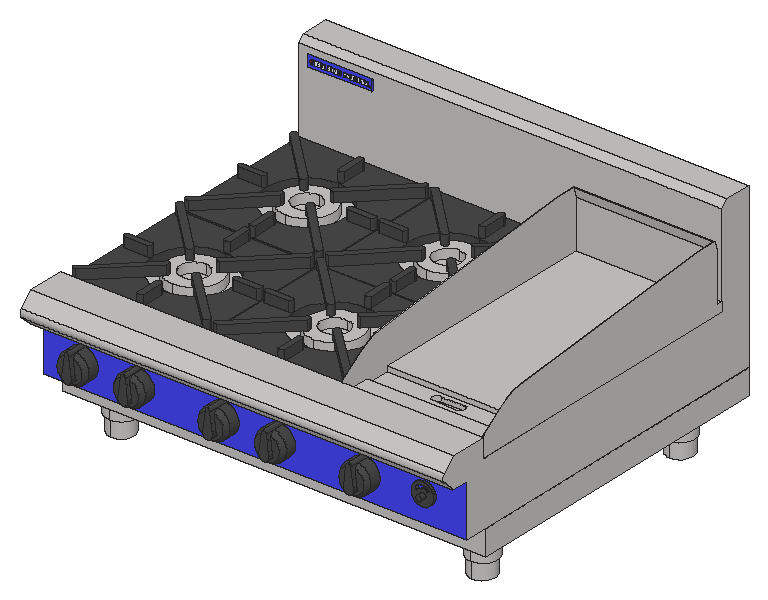
Revit family "QF_MOFFAT_BLUESEAL_CE_G516C-B", category Specialty Equipment, Revit 2012
Parameters
  Width = 900 mm  # constant formula
  Weight in Pounds = 283  # constant formula
  URL Cutsheet = "www.moffat.com"
  URL = "www.moffat.com"
  Type Mark [instance] = ""
  Status [instance] = ""
  Specification by User [instance] = ""
  Specification by Manufacturer = ""
  Show Logo [instance] = yes
  Serial Number = ""
  Seismic Rating = ""
  SMACNA No = ""
  Revision Code [instance] = ""
  Omniclass Number and Title = ""
  NAFEM Spec ID Number = ""
  Model = "G516C-B"
  Mechanical Remarks [instance] = ""
  Mechanical Connection Type [instance] = ""
  Masterspec = ""
  Manufacturer = "MOFFAT BLUESEAL"
  Item Number [instance] = ""
  Installed By [instance] = ""
  Identify Quantity as Lot [instance] = yes
  Height = 485 mm  # constant formula
  Gas Size = 3/4"
  Gas RI Height [instance] = 0 mm
  Gas KW [instance] = 34
  Gas Input [instance] = 116000.0 Btu/h
  Gas Connection Height = 0 mm
  Furnished By [instance] = ""
  Foodservice Equipment Identifier [instance] = yes
  Description = "900MM GAS COOK TOP BENCH MOUNT"
  Depth = 812 mm  # constant formula
  CSI MasterFormat = ""
  CSI Master Format = ""
Reference planes
  plane 1 "BACK": y = 0
  plane 2: z = 0
  plane 3 "LEFT": x = 0
  plane 4 "RIGHT": x = 900
  plane 5 "FRONT": y = -812
  plane 6 "TOP": z = 370
  plane 7 "Center Y": x = 450
  plane 8 "Center X": y = -406
  plane 9: z = 485
  plane 10: z = 315
Forms (mm)
  Revolve 1, solid, material "QF_Finishes_Stainless Steel"
    sketch origin (65.5, -728, 0) x (0, 1, 0) y (0, 0, 1)
      loop
        line (71.25, 85) -> (71.25, 35) -> (75.5, 35) -> (75.5, 0) -> (103, 0) -> (103, 85) -> (71.25, 85)
      axis (103, 85) -> (103, 0)
    angle from 0 to 360
  Revolve 2, solid, material "QF_Finishes_Stainless Steel"
    sketch origin (65.5, -210, 0) x (0, 1, 0) y (0, 0, 1)
      loop
        line (78.25, 85) -> (78.25, 35) -> (82.5, 35) -> (82.5, 0) -> (110, 0) -> (110, 85) -> (78.25, 85)
      axis (110, 85) -> (110, 0)
    angle from 0 to 360
  Extrusion 3, solid, material "QF_Finishes_Stainless Steel"
    sketch origin (405, 3, -500) x (1, 0, 0) y (0, 1, 0)
      loop
        circle (365, -35) r 13.5
    from 555 to 585
  Revolve 4, solid, material "QF_Finishes_Black"
    sketch origin (89.999, 7, -0.127) x (0, 1, 0) y (0, 0, -1)
      loop
        line (-789, -229.5) -> (-766, -229.5) -> (-766, -202) -> (-756, -202) -> (-756, -197) -> (-800, -197) -> (-800, -223.651) -> (-789, -229.5)
      axis (-800, -197) -> (-756, -197)
    angle from 0 to 360
  Extrusion 5, solid, material "QF_Finishes_Black"
    sketch origin (228.269, 7, 0.031) x (-1, 0, 0) y (0, 0, -1)
      loop
        line (127.85, -186.163) -> (133.27, -229.082)
        arc (133.27, -229.082) -> (138.269, -233.969) -> (143.267, -229.082) r 5
        line (143.267, -229.082) -> (148.756, -184.996)
        arc (148.756, -184.996) -> (137.684, -174.498) -> (127.85, -186.163) r 10.487
    from 759 to 808
  Extrusion 6, solid, material "QF_Finishes_Stainless Steel"
    sketch origin (0, 0, 0) x (0, 1, 0) y (0, 0, 1)
      loop
        line (-784.97, 250) -> (-749, 250) -> (-749, 140) -> (0, 140) -> (0, 485) -> (-57.5, 485) -> (-70, 472.5) -> (-70, 275) -> (-705, 275) -> (-705, 315) -> (-783.97, 315) -> (-808.498, 290.472)
        arc (-808.498, 290.472) -> (-812.007, 282) -> (-808.498, 273.528) r 11.982
        line (-808.498, 273.528) -> (-784.97, 250)
      loop
        line (0, 85) -> (0, 139.206) -> (-699, 139.206) -> (-699, 85) -> (0, 85)
    from 0 to 900
  Revolve 7, solid, material "QF_Finishes_Black"
    sketch origin (390, 7, -0.127) x (0, 1, 0) y (0, 0, -1)
      loop
        line (-789, -229.5) -> (-766, -229.5) -> (-766, -202) -> (-756, -202) -> (-756, -197) -> (-800, -197) -> (-800, -223.651) -> (-789, -229.5)
      axis (-800, -197) -> (-756, -197)
    angle from 0 to 360
  Extrusion 8, solid, material "QF_Finishes_Black"
    sketch origin (0, -749, 266) x (0, 0, -1) y (1, 0, 0)
      loop
        circle (69, 810) r 23.9
      loop
        arc (61.641, 818.419) -> (62.501, 823.219) -> (57.701, 824.079) r 3.448
        arc (57.701, 824.079) -> (51.116, 809.341) -> (58.919, 795.209) r 18.095
        arc (58.919, 795.209) -> (63.641, 796.491) -> (62.326, 801.204) r 3.448
        arc (62.326, 801.204) -> (58.758, 809.683) -> (61.641, 818.419) r 13.109
    from 0 to 5
  Extrusion 9, solid, material "QF_Finishes_Black"
    sketch origin (0, -754, 266) x (0, 0, -1) y (1, 0, 0)
      loop
        circle (72.5, 810) r 5.75
    from 0 to 10
  Revolve 10, solid, material "QF_Finishes_Stainless Steel"
    sketch origin (834.5, -728, 0) x (0, 1, 0) y (0, 0, -1)
      loop
        line (71.25, -85) -> (103, -85) -> (103, 0) -> (75.5, 0) -> (75.5, -35) -> (71.25, -35) -> (71.25, -85)
      axis (103, -85) -> (103, 0)
    angle from 0 to 360
  Revolve 11, solid, material "QF_Finishes_Stainless Steel"
    sketch origin (834.5, -210, 0) x (0, 1, 0) y (0, 0, -1)
      loop
        line (78.25, -85) -> (110, -85) -> (110, 0) -> (82.5, 0) -> (82.5, -35) -> (78.25, -35) -> (78.25, -85)
      axis (110, -85) -> (110, 0)
    angle from 0 to 360
  Extrusion 12, solid, material "QF_Finishes_Black"
    sketch origin (528.269, 7, 0.031) x (-1, 0, 0) y (0, 0, -1)
      loop
        line (127.85, -186.163) -> (133.27, -229.082)
        arc (133.27, -229.082) -> (138.269, -233.969) -> (143.267, -229.082) r 5
        line (143.267, -229.082) -> (148.756, -184.996)
        arc (148.756, -184.996) -> (137.684, -174.498) -> (127.85, -186.163) r 10.487
    from 759 to 808
  Revolve 13, solid, material "QF_Finishes_Black"
    sketch origin (690, 7, 0) x (0, 1, 0) y (0, 0, -1)
      loop
        line (-789, -229.5) -> (-766, -229.5) -> (-766, -202) -> (-756, -202) -> (-756, -197) -> (-800, -197) -> (-800, -223.651) -> (-789, -229.5)
      axis (-800, -197) -> (-756, -197)
    angle from 0 to 360
  Extrusion 14, solid, material "QF_Finishes_Black"
    sketch origin (828.27, 7, 0.158) x (-1, 0, 0) y (0, 0, -1)
      loop
        line (127.85, -186.163) -> (133.27, -229.082)
        arc (133.27, -229.082) -> (138.269, -233.969) -> (143.267, -229.082) r 5
        line (143.267, -229.082) -> (148.756, -184.996)
        arc (148.756, -184.996) -> (137.684, -174.498) -> (127.85, -186.163) r 10.487
    from 759 to 808
  Revolve 15, solid, material "QF_Finishes_Black"
    sketch origin (210, 7, 0) x (0, 1, 0) y (0, 0, -1)
      loop
        line (-789, -229.5) -> (-766, -229.5) -> (-766, -202) -> (-756, -202) -> (-756, -197) -> (-800, -197) -> (-800, -223.651) -> (-789, -229.5)
      axis (-800, -197) -> (-756, -197)
    angle from 0 to 360
  Extrusion 16, solid, material "QF_Finishes_Black"
    sketch origin (348.27, 7, 0.158) x (-1, 0, 0) y (0, 0, -1)
      loop
        line (127.85, -186.163) -> (133.27, -229.082)
        arc (133.27, -229.082) -> (138.269, -233.969) -> (143.267, -229.082) r 5
        line (143.267, -229.082) -> (148.756, -184.996)
        arc (148.756, -184.996) -> (137.684, -174.498) -> (127.85, -186.163) r 10.487
    from 759 to 808
  Revolve 17, solid, material "QF_Finishes_Black"
    sketch origin (510.001, 7, 0) x (0, 1, 0) y (0, 0, -1)
      loop
        line (-789, -229.5) -> (-766, -229.5) -> (-766, -202) -> (-756, -202) -> (-756, -197) -> (-800, -197) -> (-800, -223.651) -> (-789, -229.5)
      axis (-800, -197) -> (-756, -197)
    angle from 0 to 360
  Extrusion 18, solid, material "QF_Finishes_Black"
    sketch origin (648.27, 7, 0.158) x (-1, 0, 0) y (0, 0, -1)
      loop
        line (127.85, -186.163) -> (133.27, -229.082)
        arc (133.27, -229.082) -> (138.269, -233.969) -> (143.267, -229.082) r 5
        line (143.267, -229.082) -> (148.756, -184.996)
        arc (148.756, -184.996) -> (137.684, -174.498) -> (127.85, -186.163) r 10.487
    from 759 to 808
Lines and regions (mm)
  Split face 1
    outline origin (0, 0, 485) x (0, -1, 0) y (1, 0, 0)
      loop
        arc (18.185, 32.794) -> (23.185, 24.134) -> (33.185, 24.134) r 10
        line (33.185, 24.134) -> (40.185, 28.176)
        arc (40.185, 28.176) -> (43.845, 31.836) -> (45.185, 36.836) r 10
        line (45.185, 36.836) -> (45.185, 264.794)
        arc (45.185, 264.794) -> (40.185, 273.455) -> (30.185, 273.455) r 10
        line (30.185, 273.455) -> (23.185, 269.413)
        arc (23.185, 269.413) -> (19.525, 265.753) -> (18.185, 260.753) r 10
        line (18.185, 260.753) -> (18.185, 32.794)
  Split face 2
    outline origin (0, 0, 485) x (0, -1, 0) y (1, 0, 0)
      loop
        arc (18.185, 332.794) -> (23.185, 324.134) -> (33.185, 324.134) r 10
        line (33.185, 324.134) -> (40.185, 328.176)
        arc (40.185, 328.176) -> (43.845, 331.836) -> (45.185, 336.836) r 10
        line (45.185, 336.836) -> (45.185, 564.794)
        arc (45.185, 564.794) -> (40.185, 573.455) -> (30.185, 573.455) r 10
        line (30.185, 573.455) -> (23.185, 569.413)
        arc (23.185, 569.413) -> (19.525, 565.753) -> (18.185, 560.753) r 10
        line (18.185, 560.753) -> (18.185, 332.794)
  Split face 3
    outline origin (0, 0, 485) x (0, -1, 0) y (1, 0, 0)
      loop
        arc (45.185, 864.794) -> (40.185, 873.455) -> (30.185, 873.455) r 10
        line (30.185, 873.455) -> (23.185, 869.413)
        arc (23.185, 869.413) -> (19.525, 865.753) -> (18.185, 860.753) r 10
        line (18.185, 860.753) -> (18.185, 632.794)
        arc (18.185, 632.794) -> (23.185, 624.134) -> (33.185, 624.134) r 10
        line (33.185, 624.134) -> (40.185, 628.176)
        arc (40.185, 628.176) -> (43.845, 631.836) -> (45.185, 636.836) r 10
        line (45.185, 636.836) -> (45.185, 864.794)
  symbolic lines
    curve 1: line (0, 0, 0) -> (0, -812, 0)
    curve 2: line (900, 0, 0) -> (0, 0, 0)
    curve 3: line (900, -812, 0) -> (900, 0, 0)
    curve 4: line (0, -70, 0) -> (900, -70, 0)
    curve 5: line (0, -812, 0) -> (900, -812, 0)
    curve 6: line (900, -705, 0) -> (0, -705, 0)
    curve 7: line (0, -783.97, 0) -> (900, -783.97, 0)
    curve 8: line (36.836, -45.185, 0) -> (264.794, -45.185, 0)
    curve 9: arc (264.794, -45.185, 0) -> (273.455, -40.185, 0) -> (273.455, -30.185, 0) r 10
    curve 10: line (273.455, -30.185, 0) -> (269.413, -23.185, 0)
    curve 11: arc (269.413, -23.185, 0) -> (265.753, -19.525, 0) -> (260.753, -18.185, 0) r 10
    curve 12: line (260.753, -18.185, 0) -> (32.794, -18.185, 0)
    curve 13: arc (32.794, -18.185, 0) -> (24.134, -23.185, 0) -> (24.134, -33.185, 0) r 10
    curve 14: line (24.134, -33.185, 0) -> (28.176, -40.185, 0)
    curve 15: arc (28.176, -40.185, 0) -> (31.836, -43.845, 0) -> (36.836, -45.185, 0) r 10
    curve 16: line (336.836, -45.185, 0) -> (564.794, -45.185, 0)
    curve 17: arc (564.794, -45.185, 0) -> (573.455, -40.185, 0) -> (573.455, -30.185, 0) r 10
    curve 18: line (573.455, -30.185, 0) -> (569.413, -23.185, 0)
    curve 19: arc (569.413, -23.185, 0) -> (565.753, -19.525, 0) -> (560.753, -18.185, 0) r 10
    curve 20: line (560.753, -18.185, 0) -> (332.794, -18.185, 0)
    curve 21: arc (332.794, -18.185, 0) -> (324.134, -23.185, 0) -> (324.134, -33.185, 0) r 10
    curve 22: line (324.134, -33.185, 0) -> (328.176, -40.185, 0)
    curve 23: arc (328.176, -40.185, 0) -> (331.836, -43.845, 0) -> (336.836, -45.185, 0) r 10
    curve 24: line (864.794, -45.185, 0) -> (636.836, -45.185, 0)
    curve 25: arc (636.836, -45.185, 0) -> (631.836, -43.845, 0) -> (628.176, -40.185, 0) r 10
    curve 26: line (628.176, -40.185, 0) -> (624.134, -33.185, 0)
    curve 27: arc (624.134, -33.185, 0) -> (624.134, -23.185, 0) -> (632.794, -18.185, 0) r 10
    curve 28: line (632.794, -18.185, 0) -> (860.753, -18.185, 0)
    curve 29: arc (860.753, -18.185, 0) -> (865.753, -19.525, 0) -> (869.413, -23.185, 0) r 10
    curve 30: line (869.413, -23.185, 0) -> (873.455, -30.185, 0)
    curve 31: arc (873.455, -30.185, 0) -> (873.455, -40.185, 0) -> (864.794, -45.185, 0) r 10
    curve 32: line (0, -57.5, 0) -> (900, -57.5, 0)
Dimensions and locks
  equal spacing: plane 3 "LEFT", plane 7 "Center Y", plane 4 "RIGHT"
  "Width": plane 3 "LEFT" to plane 4 "RIGHT"
  equal spacing: plane 5 "FRONT", plane 8 "Center X", plane 1 "BACK"
  "Depth": plane 5 "FRONT" to plane 1 "BACK"
  equal spacing: plane 4 "RIGHT", plane 7 "Center Y", plane 3 "LEFT"
  plane 4 "RIGHT" to plane 3 "LEFT" = 900 mm
  Extrusion 3 to level = 55 mm
  Extrusion 3 to plane 1 "BACK" = 32 mm
  plane 5 "FRONT" to plane 1 "BACK" = 812 mm
  "Height": plane 9 to level
  plane 10 to level = 315 mm
  Extrusion 3 sketch curve to plane 4 "RIGHT" = 130 mm
  Extrusion 3 sketch curve to plane 1 "BACK" = 32 mm
  aligned and locked: level to plane 2
  aligned and locked: curve 3 to plane 4 "RIGHT"
Automatic sketch dimensions
  plane 1 "BACK" to curve 1 = 0 mm
  curve 1 to plane 3 "LEFT" = 0 mm
  plane 5 "FRONT" to curve 1 = 0 mm
  plane 3 "LEFT" to curve 14 = 24.134 mm
  curve 13 to curve 14 = 4.041 mm
  curve 13 to curve 13 = 8.66 mm
  curve 15 to curve 8 = 8.66 mm
  plane 1 "BACK" to curve 12 = 18.185 mm
  curve 12 to plane 7 "Center Y" = 189.247 mm
  curve 11 to curve 9 = 4.041 mm
  plane 1 "BACK" to curve 10 = 23.185 mm
  curve 11 to curve 10 = 8.66 mm
  plane 1 "BACK" to curve 10 = 30.185 mm
  curve 10 to curve 10 = 4.041 mm
  plane 1 "BACK" to curve 22 = 33.185 mm
  curve 10 to curve 22 = 50.679 mm
  curve 21 to curve 23 = 4.041 mm  (x2)
  curve 21 to curve 21 = 8.66 mm
  plane 1 "BACK" to curve 20 = 18.185 mm
  plane 7 "Center Y" to curve 20 = 110.753 mm
  curve 19 to curve 17 = 4.041 mm  (x2)
  curve 19 to curve 19 = 8.66 mm
  plane 1 "BACK" to curve 26 = 33.185 mm
  curve 18 to curve 26 = 50.679 mm
  plane 1 "BACK" to curve 26 = 40.185 mm
  curve 27 to curve 26 = 4.041 mm
  curve 27 to curve 27 = 8.66 mm
  curve 27 to curve 25 = 4.041 mm
  plane 4 "RIGHT" to curve 29 = 39.247 mm
  curve 29 to curve 31 = 4.041 mm
  curve 28 to curve 30 = 8.66 mm
  curve 29 to curve 30 = 4.041 mm
  curve 7 to plane 5 "FRONT" = 28.03 mm
  curve 7 to curve 6 = 78.97 mm
  plane 1 "BACK" to curve 4 = 70 mm
  curve 4 to curve 32 = 12.5 mm
  curve 32 to curve 31 = 12.315 mm
  curve 8 to curve 12 = 27 mm
  curve 16 to curve 21 = 17 mm
  curve 22 to curve 21 = 7 mm
  curve 8 to curve 15 = 5 mm
  curve 16 to curve 17 = 10 mm
  curve 24 to curve 31 = 10 mm
  curve 14 to curve 13 = 7 mm
  curve 25 to curve 27 = 7 mm
  curve 31 to curve 29 = 7 mm
  curve 17 to curve 19 = 7 mm
  Revolve 1 sketch curve to level = 0 mm
  level to Revolve 1 sketch curve = 35 mm
  Revolve 1 sketch curve to plane 5 "FRONT" = 155.25 mm
  Revolve 1 sketch curve to Revolve 1 sketch curve = 4.25 mm
  Revolve 1 sketch curve to Revolve 1 sketch curve = 27.5 mm  (x2)
  Revolve 1 sketch curve to Revolve 1 sketch curve = 55 mm
  Revolve 1 sketch curve to Revolve 1 sketch curve = 15 mm
  Revolve 1 sketch curve to Revolve 1 sketch curve = 35 mm
  Revolve 2 sketch curve to level = 0 mm
  level to Revolve 2 sketch curve = 35 mm
  plane 1 "BACK" to Revolve 2 sketch curve = 131.75 mm
  Revolve 2 sketch curve to Revolve 2 sketch curve = 4.25 mm
  Revolve 2 sketch curve to Revolve 2 sketch curve = 27.5 mm  (x2)
  Revolve 2 sketch curve to Revolve 2 sketch curve = 55 mm
  Revolve 2 sketch curve to Revolve 2 sketch curve = 15 mm
  Revolve 2 sketch curve to Revolve 2 sketch curve = 35 mm
  Revolve 4 sketch curve to plane 5 "FRONT" = 19 mm
  Revolve 4 sketch curve to Revolve 4 sketch curve = 0 mm  (x2)
  Revolve 4 sketch curve to Revolve 4 sketch curve = 11 mm
  Revolve 4 sketch curve to Revolve 4 sketch curve = 12.7 mm
  Revolve 4 sketch curve to Revolve 4 sketch curve = 23 mm
  Revolve 4 sketch curve to Revolve 4 sketch curve = 10 mm
  Revolve 4 sketch curve to plane 10 = 85.627 mm
  Revolve 4 sketch curve to Revolve 4 sketch curve = 5.849 mm
  Revolve 4 sketch curve to Revolve 4 sketch curve = 27.5 mm
  Revolve 4 sketch curve to Revolve 4 sketch curve = 5 mm
  plane 3 "LEFT" to Extrusion 5 sketch curve = 100.419 mm
  Extrusion 5 sketch curve to Extrusion 5 sketch curve = 5.421 mm
  Extrusion 5 sketch curve to Extrusion 5 sketch curve = 10.419 mm
  Extrusion 5 sketch curve to Extrusion 5 sketch curve = 4.999 mm  (x2)
  Extrusion 5 sketch curve to Extrusion 5 sketch curve = 10.487 mm
  Extrusion 5 sketch curve to plane 10 = 85.887 mm
  Extrusion 5 sketch curve to Extrusion 5 sketch curve = 0.113 mm
  Extrusion 5 sketch curve to Extrusion 5 sketch curve = 42.919 mm
  Extrusion 5 sketch curve to Extrusion 5 sketch curve = 1.167 mm
  Extrusion 6 sketch curve to plane 10 = 0 mm
  plane 9 to Extrusion 6 sketch curve = 0 mm
  Extrusion 6 sketch curve to plane 1 "BACK" = 0 mm  (x2)
  plane 1 "BACK" to Extrusion 6 sketch curve = 57.5 mm
  plane 9 to Extrusion 6 sketch curve = 12.5 mm
  Extrusion 6 sketch curve to Extrusion 6 sketch curve = 12.5 mm
  Extrusion 6 sketch curve to plane 5 "FRONT" = 113 mm
  Extrusion 6 sketch curve to plane 5 "FRONT" = 107 mm
  Extrusion 6 sketch curve to Extrusion 6 sketch curve = 50 mm
  Extrusion 6 sketch curve to plane 5 "FRONT" = 28.03 mm
  Extrusion 6 sketch curve to plane 5 "FRONT" = 27.03 mm
  Extrusion 6 sketch curve to plane 5 "FRONT" = 11.975 mm
  Extrusion 6 sketch curve to plane 5 "FRONT" = 3.502 mm  (x2)
  Extrusion 6 sketch curve to plane 10 = 24.528 mm
  Extrusion 6 sketch curve to Extrusion 6 sketch curve = 8.472 mm
  Extrusion 6 sketch curve to Extrusion 6 sketch curve = 40 mm
  Extrusion 6 sketch curve to Extrusion 6 sketch curve = 23.528 mm
  Extrusion 6 sketch curve to Extrusion 6 sketch curve = 110 mm
  Extrusion 6 sketch curve to Extrusion 6 sketch curve = 0.794 mm
  Extrusion 6 sketch curve to Extrusion 6 sketch curve = 54.206 mm
  Revolve 7 sketch curve to plane 5 "FRONT" = 19 mm
  Revolve 7 sketch curve to Revolve 7 sketch curve = 0 mm  (x2)
  Revolve 7 sketch curve to Revolve 7 sketch curve = 11 mm
  Revolve 7 sketch curve to Revolve 7 sketch curve = 12.7 mm
  Revolve 7 sketch curve to Revolve 7 sketch curve = 23 mm
  Revolve 7 sketch curve to Revolve 7 sketch curve = 10 mm
  Revolve 7 sketch curve to plane 10 = 85.627 mm
  Revolve 7 sketch curve to Revolve 7 sketch curve = 5.849 mm
  Revolve 7 sketch curve to Revolve 7 sketch curve = 27.5 mm
  Revolve 7 sketch curve to Revolve 7 sketch curve = 5 mm
  Extrusion 6 to Extrusion 8 sketch curve = 41.701 mm
  Extrusion 8 sketch curve to Extrusion 8 sketch curve = 1.218 mm
  Extrusion 8 sketch curve to Extrusion 8 sketch curve = 1.97 mm  (x2)
  Extrusion 8 sketch curve to Extrusion 8 sketch curve = 1.724 mm
  Extrusion 8 sketch curve to Extrusion 8 sketch curve = 1.683 mm
  Extrusion 8 sketch curve to Extrusion 8 sketch curve = 6.674 mm
  Extrusion 8 sketch curve to Extrusion 8 sketch curve = 0.195 mm
  Extrusion 8 sketch curve to Extrusion 8 sketch curve = 2.662 mm
  Extrusion 6 to Extrusion 8 sketch curve = 104.791 mm
  Extrusion 8 sketch curve to Extrusion 8 sketch curve = 2.986 mm
  Extrusion 8 sketch curve to Extrusion 8 sketch curve = 8.796 mm
  Extrusion 8 sketch curve to Extrusion 8 sketch curve = 0.103 mm
  Extrusion 8 sketch curve to Extrusion 8 sketch curve = 0.102 mm
  Revolve 10 sketch curve to level = 0 mm
  level to Revolve 10 sketch curve = 35 mm
  Revolve 10 sketch curve to plane 5 "FRONT" = 155.25 mm
  Revolve 10 sketch curve to Revolve 10 sketch curve = 4.25 mm
  Revolve 10 sketch curve to Revolve 10 sketch curve = 27.5 mm  (x2)
  Revolve 10 sketch curve to Revolve 10 sketch curve = 15 mm
  Revolve 10 sketch curve to Revolve 10 sketch curve = 35 mm
  Revolve 10 sketch curve to level = 55 mm
  Revolve 11 sketch curve to level = 0 mm
  level to Revolve 11 sketch curve = 35 mm
  plane 1 "BACK" to Revolve 11 sketch curve = 131.75 mm
  Revolve 11 sketch curve to Revolve 11 sketch curve = 4.25 mm
  Revolve 11 sketch curve to Revolve 11 sketch curve = 27.5 mm  (x2)
  Revolve 11 sketch curve to Revolve 11 sketch curve = 15 mm
  Revolve 11 sketch curve to Revolve 11 sketch curve = 35 mm
  Revolve 11 sketch curve to level = 55 mm
  Extrusion 12 sketch curve to plane 7 "Center Y" = 49.58 mm
  Extrusion 12 sketch curve to Extrusion 12 sketch curve = 5.421 mm
  Extrusion 12 sketch curve to Extrusion 12 sketch curve = 10.419 mm
  Extrusion 12 sketch curve to Extrusion 12 sketch curve = 4.999 mm  (x2)
  Extrusion 12 sketch curve to Extrusion 12 sketch curve = 10.487 mm
  Extrusion 12 sketch curve to plane 10 = 85.887 mm
  Extrusion 12 sketch curve to Extrusion 12 sketch curve = 0.113 mm
  Extrusion 12 sketch curve to Extrusion 12 sketch curve = 42.919 mm
  Extrusion 12 sketch curve to Extrusion 12 sketch curve = 1.167 mm
  Revolve 13 sketch curve to plane 5 "FRONT" = 19 mm
  Revolve 13 sketch curve to Revolve 13 sketch curve = 0 mm  (x2)
  Revolve 13 sketch curve to Revolve 13 sketch curve = 11 mm
  Revolve 13 sketch curve to Revolve 13 sketch curve = 12.7 mm
  Revolve 13 sketch curve to Revolve 13 sketch curve = 23 mm
  Revolve 13 sketch curve to Revolve 13 sketch curve = 10 mm
  Revolve 13 sketch curve to plane 10 = 85.5 mm
  Revolve 13 sketch curve to Revolve 13 sketch curve = 5.849 mm
  Revolve 13 sketch curve to Revolve 13 sketch curve = 27.5 mm
  Revolve 13 sketch curve to Revolve 13 sketch curve = 5 mm
  plane 4 "RIGHT" to Extrusion 14 sketch curve = 199.58 mm
  Extrusion 14 sketch curve to Extrusion 14 sketch curve = 5.421 mm
  Extrusion 14 sketch curve to Extrusion 14 sketch curve = 10.419 mm
  Extrusion 14 sketch curve to Extrusion 14 sketch curve = 4.999 mm  (x2)
  Extrusion 14 sketch curve to plane 10 = 85.76 mm
  Extrusion 14 sketch curve to Extrusion 14 sketch curve = 10.487 mm
  Extrusion 14 sketch curve to Extrusion 14 sketch curve = 0.113 mm
  Extrusion 14 sketch curve to Extrusion 14 sketch curve = 42.919 mm
  Extrusion 14 sketch curve to Extrusion 14 sketch curve = 1.167 mm
  Split face 1 sketch curve to Extrusion 6 = 18.185 mm
  Split face 1 sketch curve to Split face 1 sketch curve = 5 mm  (x3)
  Split face 1 sketch curve to Split face 1 sketch curve = 10 mm  (x2)
  Split face 1 sketch curve to Split face 1 sketch curve = 7 mm  (x4)
  Split face 1 sketch curve to Extrusion 6 = 24.134 mm
  Split face 1 sketch curve to Split face 1 sketch curve = 4.041 mm  (x2)
  Split face 1 sketch curve to Split face 1 sketch curve = 223.917 mm
  Split face 2 sketch curve to Extrusion 6 = 18.185 mm
  Split face 2 sketch curve to Split face 2 sketch curve = 5 mm  (x4)
  Split face 2 sketch curve to Split face 2 sketch curve = 10 mm
  Split face 2 sketch curve to Split face 2 sketch curve = 7 mm  (x4)
  Split face 2 sketch curve to Extrusion 6 = 324.134 mm
  Split face 2 sketch curve to Split face 2 sketch curve = 4.041 mm  (x2)
  Split face 2 sketch curve to Split face 2 sketch curve = 223.917 mm
  Split face 3 sketch curve to Extrusion 6 = 18.185 mm
  Split face 3 sketch curve to Split face 3 sketch curve = 5 mm  (x3)
  Split face 3 sketch curve to Split face 3 sketch curve = 10 mm  (x2)
  Split face 3 sketch curve to Split face 3 sketch curve = 7 mm  (x4)
  Split face 3 sketch curve to Extrusion 6 = 275.866 mm
  Split face 3 sketch curve to Split face 3 sketch curve = 4.041 mm  (x2)
  Split face 3 sketch curve to Extrusion 6 = 39.247 mm
  Revolve 15 sketch curve to plane 5 "FRONT" = 19 mm
  Revolve 15 sketch curve to Revolve 15 sketch curve = 0 mm  (x2)
  Revolve 15 sketch curve to Revolve 15 sketch curve = 11 mm
  Revolve 15 sketch curve to Revolve 15 sketch curve = 12.7 mm
  Revolve 15 sketch curve to Revolve 15 sketch curve = 23 mm
  Revolve 15 sketch curve to Revolve 15 sketch curve = 10 mm
  Revolve 15 sketch curve to plane 10 = 85.5 mm
  Revolve 15 sketch curve to Revolve 15 sketch curve = 5.849 mm
  Revolve 15 sketch curve to Revolve 15 sketch curve = 27.5 mm
  Revolve 15 sketch curve to Revolve 15 sketch curve = 5 mm
  plane 3 "LEFT" to Extrusion 16 sketch curve = 220.42 mm
  Extrusion 16 sketch curve to Extrusion 16 sketch curve = 5.421 mm
  Extrusion 16 sketch curve to Extrusion 16 sketch curve = 10.419 mm
  Extrusion 16 sketch curve to Extrusion 16 sketch curve = 4.999 mm  (x2)
  Extrusion 16 sketch curve to plane 10 = 85.76 mm
  Extrusion 16 sketch curve to Extrusion 16 sketch curve = 10.487 mm
  Extrusion 16 sketch curve to Extrusion 16 sketch curve = 0.113 mm
  Extrusion 16 sketch curve to Extrusion 16 sketch curve = 42.919 mm
  Extrusion 16 sketch curve to Extrusion 16 sketch curve = 1.167 mm
  Revolve 17 sketch curve to plane 5 "FRONT" = 19 mm
  Revolve 17 sketch curve to Revolve 17 sketch curve = 0 mm  (x2)
  Revolve 17 sketch curve to Revolve 17 sketch curve = 11 mm
  Revolve 17 sketch curve to Revolve 17 sketch curve = 12.7 mm
  Revolve 17 sketch curve to Revolve 17 sketch curve = 23 mm
  Revolve 17 sketch curve to Revolve 17 sketch curve = 10 mm
  Revolve 17 sketch curve to plane 10 = 85.5 mm
  Revolve 17 sketch curve to Revolve 17 sketch curve = 5.849 mm
  Revolve 17 sketch curve to Revolve 17 sketch curve = 27.5 mm
  Revolve 17 sketch curve to Revolve 17 sketch curve = 5 mm
  plane 7 "Center Y" to Extrusion 18 sketch curve = 70.421 mm
  Extrusion 18 sketch curve to Extrusion 18 sketch curve = 5.421 mm
  Extrusion 18 sketch curve to Extrusion 18 sketch curve = 10.419 mm
  Extrusion 18 sketch curve to Extrusion 18 sketch curve = 4.999 mm  (x2)
  Extrusion 18 sketch curve to Extrusion 18 sketch curve = 10.487 mm
  Extrusion 18 sketch curve to plane 10 = 85.76 mm
  Extrusion 18 sketch curve to Extrusion 18 sketch curve = 0.113 mm
  Extrusion 18 sketch curve to Extrusion 18 sketch curve = 42.919 mm
  Extrusion 18 sketch curve to Extrusion 18 sketch curve = 1.167 mm
  radius of Extrusion 3 sketch curve = 13.5 mm
  radius of Extrusion 8 sketch curve = 23.9 mm
  radius of Extrusion 9 sketch curve = 5.75 mm
Nested families
  nested 1: "WALDORF LOGO_FACE BASE" at (18.6, -70, 458.604) x (1, 0, 0) z (0, -1, 0), visible <- "Show Logo", type "WALDORF LOGO_FACE BASE", detail levels medium+fine
    with Show Logo yes
  nested 2: "GAS BURNER 600 & GRIDDLE 300" at (0, -70, 275.195), type "GAS BURNER 600 & GRIDDLE 300"
    with Width 900 mm, Type Mark "", Status "", Specification by User "", Revision Code "", Item Number "", Installed By "", Identify Quantity as Lot yes, Furnished By "", Foodservice Equipment Identifier yes, Depth 635 mm
Connectors
  piping at (770, -32, 55)
    settings: on Extrusion 3, index 1, connector radius 0.37402", flow factor 0, pipe flow 0 GPM, pressure drop 0.00 psi, fitting loss kfactor 0, connector angle 0.00°, fixture units 0, engagement length 0 mm, flow configuration 1, flow direction 1, fitting loss method 0, system type 7, joint type 0, gender type 0, connector reference index -1, connector utility 0, adjustable connector no, is connector primary yes, fitting loss table "", connector description "GAS CONNECTION"
Definition of nested family "WALDORF LOGO_FACE BASE"
  Parameters (values of type "WALDORF LOGO_FACE BASE")
    Show Logo [instance] = yes
    Default Elevation = 1219.2 mm
  Reference planes
    plane 1 "Center (Front/Back)": y = 0
    plane 2: z = 0
    plane 3 "Center (Left/Right)": x = 0
  Forms (mm)
    Extrusion 1, solid
      sketch origin (0, 0, 0) x (1, 0, 0) y (0, 1, 0)
        loop
          line (-1219.2, 1219.2) -> (-1219.2, -1219.2) -> (1219.2, -1219.2) -> (1219.2, 1219.2) -> (-1219.2, 1219.2)
      from 0 to -304.8
    Extrusion 2, solid, material "QF_Finishes_Blue", visible <- "Show Logo"
      sketch origin (0, -33.217, 0) x (1, 0, 0) y (0, 1, 0)
        loop
          arc (138, 31.942) -> (137.626, 32.844) -> (136.724, 33.217) r 1.276
          line (136.724, 33.217) -> (1.29, 33.217)
          arc (1.29, 33.217) -> (0.378, 32.839) -> (0, 31.927) r 1.29
          line (0, 31.927) -> (0, 11.507)
          arc (0, 11.507) -> (0.378, 10.595) -> (1.29, 10.217) r 1.29
          line (1.29, 10.217) -> (136.71, 10.217)
          arc (136.71, 10.217) -> (137.622, 10.595) -> (138, 11.507) r 1.29
          line (138, 11.507) -> (138, 31.942)
      from 0 to 1.588
    Extrusion 3, solid, material "QF_Finishes_White", visible <- "Show Logo"
      sketch origin (0, -33.217, 1.588) x (1, 0, 0) y (0, 1, 0)
        loop
          arc (108.946, 25.919) -> (107.613, 25.367) -> (107.061, 24.034) r 1.885
          line (107.061, 24.034) -> (107.061, 17.211) -> (112.704, 17.211) -> (112.704, 19.129) -> (115.546, 19.129) -> (115.546, 17.211) -> (121.584, 17.211) -> (121.584, 24.075)
          arc (121.584, 24.075) -> (121.043, 25.379) -> (119.739, 25.919) r 1.845
          line (119.739, 25.919) -> (108.946, 25.919)
        loop
          line (123.478, 25.919) -> (123.478, 17.163) -> (134.904, 17.163) -> (134.904, 19.129) -> (129.246, 19.129) -> (129.246, 25.919) -> (123.478, 25.919)
        loop
          line (112.704, 21.258) -> (115.546, 21.258) -> (115.546, 22.702)
          arc (115.546, 22.702) -> (115.344, 23.188) -> (114.858, 23.389) r 0.687
          line (114.858, 23.389) -> (113.363, 23.389)
          arc (113.363, 23.389) -> (112.897, 23.196) -> (112.704, 22.73) r 0.658
          line (112.704, 22.73) -> (112.704, 21.258)
        loop
          line (105.071, 25.919) -> (93.771, 25.919) -> (93.771, 17.163) -> (105.071, 17.163) -> (105.071, 19.063) -> (99.535, 19.063) -> (99.535, 20.437) -> (105.071, 20.437) -> (105.071, 22.278) -> (99.535, 22.278) -> (99.535, 23.587) -> (105.071, 23.587) -> (105.071, 25.919)
        loop
          line (91.104, 25.919) -> (79.541, 25.919)
          arc (79.541, 25.919) -> (78.558, 25.513) -> (78.152, 24.53) r 1.389
          line (78.152, 24.53) -> (78.152, 22.08)
          arc (78.152, 22.08) -> (78.558, 21.098) -> (79.541, 20.691) r 1.389
          line (79.541, 20.691) -> (86.346, 20.691) -> (86.346, 18.864) -> (83.266, 18.864) -> (83.266, 19.664) -> (78.152, 19.664) -> (78.152, 18.553)
          arc (78.152, 18.553) -> (78.558, 17.57) -> (79.541, 17.163) r 1.389
          line (79.541, 17.163) -> (91.063, 17.163)
          arc (91.063, 17.163) -> (92.045, 17.57) -> (92.452, 18.553) r 1.389
          line (92.452, 18.553) -> (92.452, 20.691)
          arc (92.452, 20.691) -> (92.045, 21.673) -> (91.063, 22.08) r 1.389
          line (91.063, 22.08) -> (83.266, 22.08) -> (83.266, 23.984) -> (86.346, 23.984) -> (86.346, 22.743) -> (92.452, 22.743) -> (92.452, 24.571)
          arc (92.452, 24.571) -> (92.057, 25.524) -> (91.104, 25.919) r 1.348
        loop
          line (70.705, 25.919) -> (59.405, 25.919) -> (59.405, 17.163) -> (70.705, 17.163) -> (70.705, 19.063) -> (65.169, 19.063) -> (65.169, 20.437) -> (70.705, 20.437) -> (70.705, 22.278) -> (65.169, 22.278) -> (65.169, 23.587) -> (70.705, 23.587) -> (70.705, 25.919)
        loop
          line (57.598, 25.919) -> (51.7, 25.919) -> (51.7, 20.18)
          arc (51.7, 20.18) -> (50.63, 19.11) -> (49.56, 20.18) r 1.07
          line (49.56, 20.18) -> (49.56, 25.919) -> (43.663, 25.919) -> (43.663, 19.049)
          arc (43.663, 19.049) -> (44.215, 17.716) -> (45.548, 17.163) r 1.885
          line (45.548, 17.163) -> (55.71, 17.163)
          arc (55.71, 17.163) -> (57.045, 17.716) -> (57.598, 19.051) r 1.887
          line (57.598, 19.051) -> (57.598, 25.919)
        loop
          line (31.62, 25.919) -> (31.62, 17.163) -> (43.046, 17.163) -> (43.046, 19.129) -> (37.388, 19.129) -> (37.388, 25.919) -> (31.62, 25.919)
        loop
          line (15.969, 25.919) -> (15.969, 17.163) -> (28.693, 17.163)
          arc (28.693, 17.163) -> (29.812, 17.627) -> (30.276, 18.746) r 1.582
          line (30.276, 18.746) -> (30.276, 20.447) -> (29.48, 21.243) -> (30.276, 22.039) -> (30.276, 24.332)
          arc (30.276, 24.332) -> (29.811, 25.454) -> (28.688, 25.919) r 1.587
          line (28.688, 25.919) -> (15.969, 25.919)
        loop
          line (21.449, 24.159) -> (21.449, 22.436) -> (23.862, 22.436)
          arc (23.862, 22.436) -> (24.723, 23.298) -> (23.862, 24.159) r 0.861
          line (23.862, 24.159) -> (21.449, 24.159)
        loop
          line (21.449, 20.244) -> (21.449, 18.522) -> (23.862, 18.522)
          arc (23.862, 18.522) -> (24.723, 19.383) -> (23.862, 20.244) r 0.861
          line (23.862, 20.244) -> (21.449, 20.244)
      from 0 to 0.2
    Extrusion 4, solid, material "QF_Finishes_Blue", visible <- "Show Logo"
      sketch origin (-126.498, -31.09, 1.588) x (1, 0, 0) y (0, 1, 0)
        loop
          line (136.738, 23.522) -> (136.738, 15.1)
          arc (136.738, 15.1) -> (140.756, 19.311) -> (136.738, 23.522) r 4.216
      from 0 to 0.2
    Extrusion 5, solid, material "QF_Finishes_Red", visible <- "Show Logo"
      sketch origin (146.849, -31.09, 1.588) x (-1, 0, 0) y (0, -1, 0)
        loop
          arc (136.738, -23.522) -> (140.756, -19.311) -> (136.738, -15.1) r 4.216
          line (136.738, -15.1) -> (136.738, -23.522)
      from 0 to 0.2
  Lines and regions (mm)
    Split face 1
      outline origin (-90.35, -30.793, 1.588) x (1, 0, 0) y (0, 1, 0)
        loop
          circle (100.54, 19.013) r 4.536
  Dimensions and locks
    aligned and locked: plane 2 to Extrusion 1
    aligned and locked: level to Extrusion 1
Definition of nested family "GAS BURNER 600 & GRIDDLE 300"
  Parameters (values of type "GAS BURNER 600 & GRIDDLE 300")
    Width [instance] = 900 mm
    Weight in Pounds = 0
    URL Cutsheet = ""
    Type Mark [instance] = ""
    Status [instance] = ""
    Specification by User [instance] = ""
    Specification by Manufacturer = ""
    Serial Number = ""
    Seismic Rating = ""
    SMACNA No = ""
    Revision Code [instance] = ""
    Omniclass Number and Title = ""
    NAFEM Spec ID Number = ""
    Masterspec = ""
    Item Number [instance] = ""
    Installed By [instance] = ""
    Identify Quantity as Lot [instance] = yes
    Furnished By [instance] = ""
    Foodservice Equipment Identifier [instance] = yes
    Depth [instance] = 635 mm
    CSI MasterFormat = ""
    CSI Master Format = ""
  Reference planes
    plane 1 "BACK": y = 0
    plane 2: z = 0
    plane 3 "LEFT": x = 0
    plane 4 "RIGHT": x = 900
    plane 5 "FRONT": y = -635
    plane 6 "TOP": z = 142.5
    plane 7 "Center Y": x = 450
    plane 8 "Center X": y = -317.5
  Dimensions and locks
    equal spacing: plane 3 "LEFT", plane 7 "Center Y", plane 4 "RIGHT"
    "Width": plane 3 "LEFT" to plane 4 "RIGHT"
    equal spacing: plane 5 "FRONT", plane 8 "Center X", plane 1 "BACK"
    "Depth": plane 5 "FRONT" to plane 1 "BACK"
    aligned and locked: level to plane 2
  Nested families
    nested 1: "GAS BURNER 600" at (0, 0, 0), type "GAS BURNER 600"
      with Width 600 mm, Type Mark "", Status "", Specification by User "", Revision Code "", Item Number "", Installed By "", Identify Quantity as Lot yes, Furnished By "", Foodservice Equipment Identifier yes, Depth 635 mm
    nested 2: "GAS GRIDDLE PLATE 300" at (600, -15, 0), type "GAS GRIDDLE PLATE 300"
      with Width 300 mm, Type Mark "", Status "", Specification by User "", Revision Code "", Item Number "", Installed By "", Identify Quantity as Lot yes, Furnished By "", Foodservice Equipment Identifier yes, Depth 620 mm
  Definition of nested family "GAS BURNER 600"
    Parameters (values of type "GAS BURNER 600")
      Width [instance] = 600 mm
      Weight in Pounds = 0
      URL Cutsheet = ""
      Type Mark [instance] = ""
      Status [instance] = ""
      Specification by User [instance] = ""
      Specification by Manufacturer = ""
      Serial Number = ""
      Seismic Rating = ""
      SMACNA No = ""
      Revision Code [instance] = ""
      Omniclass Number and Title = ""
      NAFEM Spec ID Number = ""
      Masterspec = ""
      Item Number [instance] = ""
      Installed By [instance] = ""
      Identify Quantity as Lot [instance] = yes
      Furnished By [instance] = ""
      Foodservice Equipment Identifier [instance] = yes
      Depth [instance] = 635 mm
      CSI MasterFormat = ""
      CSI Master Format = ""
    Reference planes
      plane 1 "BACK": y = 0
      plane 2: z = 0
      plane 3 "LEFT": x = 0
      plane 4 "RIGHT": x = 600
      plane 5 "FRONT": y = -635
      plane 6 "TOP": z = 142.5
      plane 7 "Center Y": x = 300
      plane 8 "Center X": y = -317.5
    Forms (mm)
      Extrusion 1, solid, material "QF_Finishes_Black"
        sketch origin (0, 0, 0) x (0, -1, 0) y (1, 0, 0)
          loop
            line (318.5, 4) -> (318.5, 296)
            arc (318.5, 296) -> (317.621, 298.121) -> (315.5, 299) r 3
            line (315.5, 299) -> (3, 299)
            arc (3, 299) -> (0.879, 298.121) -> (0, 296) r 3
            line (0, 296) -> (0, 4)
            arc (0, 4) -> (0.879, 1.879) -> (3, 1) r 3
            line (3, 1) -> (315.5, 1)
            arc (315.5, 1) -> (317.621, 1.879) -> (318.5, 4) r 3
          loop
            line (324.5, 1) -> (632, 1)
            arc (632, 1) -> (634.121, 1.879) -> (635, 4) r 3
            line (635, 4) -> (635, 296)
            arc (635, 296) -> (634.121, 298.121) -> (632, 299) r 3
            line (632, 299) -> (324.5, 299)
            arc (324.5, 299) -> (322.379, 298.121) -> (321.5, 296) r 3
            line (321.5, 296) -> (321.5, 4)
            arc (321.5, 4) -> (322.379, 1.879) -> (324.5, 1) r 3
          loop
            circle (168.5, 149.991) r 84.082
          loop
            circle (468.5, 149.991) r 84.082
        from 0 to 19.5
      Extrusion 2, solid, material "QF_Finishes_Black"
        sketch origin (0, 0, 19.5) x (0, -1, 0) y (1, 0, 0)
          loop
            spline (326.102, 15.153) -> (325.181, 13.924) -> (324.631, 12.47) -> (324.49, 10.89) -> (324.767, 9.292) -> (325.443, 7.786) -> (326.473, 6.473) -> (327.786, 5.443) -> (329.292, 4.767) -> (330.89, 4.49) -> (332.47, 4.631) -> (333.924, 5.181) -> (335.153, 6.102)
            line (335.153, 6.102) -> (443.076, 114.025)
            spline (443.076, 114.025) -> (443.837, 115.095) -> (444.238, 116.399) -> (444.251, 117.851) -> (443.875, 119.35) -> (443.137, 120.795) -> (442.086, 122.086) -> (440.795, 123.137) -> (439.35, 123.875) -> (437.851, 124.251) -> (436.399, 124.238) -> (435.095, 123.837) -> (434.025, 123.076)
            line (434.025, 123.076) -> (326.102, 15.153)
          loop
            spline (328.898, 156.4) -> (327.604, 156.182) -> (326.398, 155.543) -> (325.362, 154.525) -> (324.568, 153.2) -> (324.068, 151.656) -> (323.898, 150) -> (324.068, 148.344) -> (324.568, 146.8) -> (325.362, 145.475) -> (326.398, 144.457) -> (327.604, 143.818) -> (328.898, 143.6)
            line (328.898, 143.6) -> (378.102, 143.6)
            spline (378.102, 143.6) -> (379.396, 143.818) -> (380.602, 144.457) -> (381.638, 145.475) -> (382.432, 146.8) -> (382.932, 148.344) -> (383.102, 150) -> (382.932, 151.656) -> (382.432, 153.2) -> (381.638, 154.525) -> (380.602, 155.543) -> (379.396, 156.182) -> (378.102, 156.4)
            line (378.102, 156.4) -> (328.898, 156.4)
          loop
            spline (335.153, 293.898) -> (334.084, 294.659) -> (332.779, 295.059) -> (331.328, 295.072) -> (329.829, 294.697) -> (328.384, 293.959) -> (327.092, 292.908) -> (326.041, 291.616) -> (325.303, 290.171) -> (324.928, 288.672) -> (324.941, 287.221) -> (325.341, 285.916) -> (326.102, 284.847)
            line (326.102, 284.847) -> (434.025, 176.924)
            spline (434.025, 176.924) -> (435.095, 176.163) -> (436.399, 175.762) -> (437.851, 175.749) -> (439.35, 176.125) -> (440.795, 176.863) -> (442.086, 177.914) -> (443.137, 179.205) -> (443.875, 180.65) -> (444.251, 182.149) -> (444.238, 183.601) -> (443.837, 184.905) -> (443.076, 185.975)
            line (443.076, 185.975) -> (335.153, 293.898)
          loop
            line (463.6, 291.102) -> (463.6, 241.898)
            spline (463.6, 241.898) -> (463.818, 240.604) -> (464.457, 239.398) -> (465.475, 238.362) -> (466.8, 237.568) -> (468.344, 237.068) -> (470, 236.898) -> (471.656, 237.068) -> (473.2, 237.568) -> (474.525, 238.362) -> (475.543, 239.398) -> (476.182, 240.604) -> (476.4, 241.898)
            line (476.4, 241.898) -> (476.4, 291.102)
            spline (476.4, 291.102) -> (476.182, 292.396) -> (475.543, 293.602) -> (474.525, 294.638) -> (473.2, 295.432) -> (471.656, 295.932) -> (470, 296.102) -> (468.344, 295.932) -> (466.8, 295.432) -> (465.475, 294.638) -> (464.457, 293.602) -> (463.818, 292.396) -> (463.6, 291.102)
          loop
            spline (612.398, 284.847) -> (613.159, 285.916) -> (613.559, 287.221) -> (613.572, 288.672) -> (613.197, 290.171) -> (612.459, 291.616) -> (611.408, 292.908) -> (610.116, 293.959) -> (608.671, 294.697) -> (607.172, 295.072) -> (605.721, 295.059) -> (604.416, 294.659) -> (603.347, 293.898)
            line (603.347, 293.898) -> (496.924, 185.975)
            spline (496.924, 185.975) -> (496.163, 184.905) -> (495.762, 183.601) -> (495.749, 182.149) -> (496.125, 180.65) -> (496.863, 179.205) -> (497.914, 177.914) -> (499.205, 176.863) -> (500.65, 176.125) -> (502.149, 175.749) -> (503.601, 175.762) -> (504.905, 176.163) -> (505.975, 176.924)
            line (505.975, 176.924) -> (612.398, 284.847)
          loop
            spline (609.602, 143.6) -> (610.896, 143.818) -> (612.102, 144.457) -> (613.138, 145.475) -> (613.932, 146.8) -> (614.432, 148.344) -> (614.602, 150) -> (614.432, 151.656) -> (613.932, 153.2) -> (613.138, 154.525) -> (612.102, 155.543) -> (610.896, 156.182) -> (609.602, 156.4)
            line (609.602, 156.4) -> (561.898, 156.4)
            spline (561.898, 156.4) -> (560.604, 156.182) -> (559.398, 155.543) -> (558.362, 154.525) -> (557.568, 153.2) -> (557.068, 151.656) -> (556.898, 150) -> (557.068, 148.344) -> (557.568, 146.8) -> (558.362, 145.475) -> (559.398, 144.457) -> (560.604, 143.818) -> (561.898, 143.6)
            line (561.898, 143.6) -> (609.602, 143.6)
          loop
            line (612.398, 15.153) -> (505.975, 123.076)
            spline (505.975, 123.076) -> (504.905, 123.837) -> (503.601, 124.238) -> (502.149, 124.251) -> (500.65, 123.875) -> (499.205, 123.137) -> (497.914, 122.086) -> (496.863, 120.795) -> (496.125, 119.35) -> (495.749, 117.851) -> (495.762, 116.399) -> (496.163, 115.095) -> (496.924, 114.025)
            line (496.924, 114.025) -> (603.347, 6.102)
            spline (603.347, 6.102) -> (604.416, 5.341) -> (605.721, 4.941) -> (607.172, 4.928) -> (608.671, 5.303) -> (610.116, 6.041) -> (611.408, 7.092) -> (612.459, 8.384) -> (613.197, 9.829) -> (613.572, 11.328) -> (613.559, 12.779) -> (613.159, 14.084) -> (612.398, 15.153)
          loop
            line (476.4, 8.898) -> (476.4, 58.102)
            spline (476.4, 58.102) -> (476.182, 59.396) -> (475.543, 60.602) -> (474.525, 61.638) -> (473.2, 62.432) -> (471.656, 62.932) -> (470, 63.102) -> (468.344, 62.932) -> (466.8, 62.432) -> (465.475, 61.638) -> (464.457, 60.602) -> (463.818, 59.396) -> (463.6, 58.102)
            line (463.6, 58.102) -> (463.6, 8.898)
            spline (463.6, 8.898) -> (463.818, 7.604) -> (464.457, 6.398) -> (465.475, 5.362) -> (466.8, 4.568) -> (468.344, 4.068) -> (470, 3.898) -> (471.656, 4.068) -> (473.2, 4.568) -> (474.525, 5.362) -> (475.543, 6.398) -> (476.182, 7.604) -> (476.4, 8.898)
          loop
            spline (22.602, 15.153) -> (21.681, 13.924) -> (21.131, 12.47) -> (20.99, 10.89) -> (21.267, 9.292) -> (21.943, 7.786) -> (22.973, 6.473) -> (24.286, 5.443) -> (25.792, 4.767) -> (27.39, 4.49) -> (28.97, 4.631) -> (30.424, 5.181) -> (31.653, 6.102)
            line (31.653, 6.102) -> (139.576, 114.025)
            spline (139.576, 114.025) -> (140.337, 115.095) -> (140.738, 116.399) -> (140.751, 117.851) -> (140.375, 119.35) -> (139.637, 120.795) -> (138.586, 122.086) -> (137.295, 123.137) -> (135.85, 123.875) -> (134.351, 124.251) -> (132.899, 124.238) -> (131.595, 123.837) -> (130.525, 123.076)
            line (130.525, 123.076) -> (22.602, 15.153)
          loop
            spline (25.398, 156.4) -> (24.104, 156.182) -> (22.898, 155.543) -> (21.862, 154.525) -> (21.068, 153.2) -> (20.568, 151.656) -> (20.398, 150) -> (20.568, 148.344) -> (21.068, 146.8) -> (21.862, 145.475) -> (22.898, 144.457) -> (24.104, 143.818) -> (25.398, 143.6)
            line (25.398, 143.6) -> (74.602, 143.6)
            spline (74.602, 143.6) -> (75.896, 143.818) -> (77.102, 144.457) -> (78.138, 145.475) -> (78.932, 146.8) -> (79.432, 148.344) -> (79.602, 150) -> (79.432, 151.656) -> (78.932, 153.2) -> (78.138, 154.525) -> (77.102, 155.543) -> (75.896, 156.182) -> (74.602, 156.4)
            line (74.602, 156.4) -> (25.398, 156.4)
          loop
            spline (31.653, 293.898) -> (30.584, 294.659) -> (29.279, 295.059) -> (27.828, 295.072) -> (26.329, 294.697) -> (24.884, 293.959) -> (23.592, 292.908) -> (22.541, 291.616) -> (21.803, 290.171) -> (21.428, 288.672) -> (21.441, 287.221) -> (21.841, 285.916) -> (22.602, 284.847)
            line (22.602, 284.847) -> (130.525, 176.924)
            spline (130.525, 176.924) -> (131.595, 176.163) -> (132.899, 175.762) -> (134.351, 175.749) -> (135.85, 176.125) -> (137.295, 176.863) -> (138.586, 177.914) -> (139.637, 179.205) -> (140.375, 180.65) -> (140.751, 182.149) -> (140.738, 183.601) -> (140.337, 184.905) -> (139.576, 185.975)
            line (139.576, 185.975) -> (31.653, 293.898)
          loop
            line (160.1, 291.102) -> (160.1, 241.898)
            spline (160.1, 241.898) -> (160.318, 240.604) -> (160.957, 239.398) -> (161.975, 238.362) -> (163.3, 237.568) -> (164.844, 237.068) -> (166.5, 236.898) -> (168.156, 237.068) -> (169.7, 237.568) -> (171.025, 238.362) -> (172.043, 239.398) -> (172.682, 240.604) -> (172.9, 241.898)
            line (172.9, 241.898) -> (172.9, 291.102)
            spline (172.9, 291.102) -> (172.682, 292.396) -> (172.043, 293.602) -> (171.025, 294.638) -> (169.7, 295.432) -> (168.156, 295.932) -> (166.5, 296.102) -> (164.844, 295.932) -> (163.3, 295.432) -> (161.975, 294.638) -> (160.957, 293.602) -> (160.318, 292.396) -> (160.1, 291.102)
          loop
            spline (313.898, 284.847) -> (314.659, 285.916) -> (315.059, 287.221) -> (315.072, 288.672) -> (314.697, 290.171) -> (313.959, 291.616) -> (312.908, 292.908) -> (311.616, 293.959) -> (310.171, 294.697) -> (308.672, 295.072) -> (307.221, 295.059) -> (305.916, 294.659) -> (304.847, 293.898)
            line (304.847, 293.898) -> (193.424, 185.975)
            spline (193.424, 185.975) -> (192.663, 184.905) -> (192.262, 183.601) -> (192.249, 182.149) -> (192.625, 180.65) -> (193.363, 179.205) -> (194.414, 177.914) -> (195.705, 176.863) -> (197.15, 176.125) -> (198.649, 175.749) -> (200.101, 175.762) -> (201.405, 176.163) -> (202.475, 176.924)
            line (202.475, 176.924) -> (313.898, 284.847)
          loop
            spline (311.102, 143.6) -> (312.396, 143.818) -> (313.602, 144.457) -> (314.638, 145.475) -> (315.432, 146.8) -> (315.932, 148.344) -> (316.102, 150) -> (315.932, 151.656) -> (315.432, 153.2) -> (314.638, 154.525) -> (313.602, 155.543) -> (312.396, 156.182) -> (311.102, 156.4)
            line (311.102, 156.4) -> (261.898, 156.4)
            spline (261.898, 156.4) -> (260.604, 156.182) -> (259.398, 155.543) -> (258.362, 154.525) -> (257.568, 153.2) -> (257.068, 151.656) -> (256.898, 150) -> (257.068, 148.344) -> (257.568, 146.8) -> (258.362, 145.475) -> (259.398, 144.457) -> (260.604, 143.818) -> (261.898, 143.6)
            line (261.898, 143.6) -> (311.102, 143.6)
          loop
            line (313.898, 15.153) -> (202.475, 123.076)
            spline (202.475, 123.076) -> (201.405, 123.837) -> (200.101, 124.238) -> (198.649, 124.251) -> (197.15, 123.875) -> (195.705, 123.137) -> (194.414, 122.086) -> (193.363, 120.795) -> (192.625, 119.35) -> (192.249, 117.851) -> (192.262, 116.399) -> (192.663, 115.095) -> (193.424, 114.025)
            line (193.424, 114.025) -> (304.847, 6.102)
            spline (304.847, 6.102) -> (305.916, 5.341) -> (307.221, 4.941) -> (308.672, 4.928) -> (310.171, 5.303) -> (311.616, 6.041) -> (312.908, 7.092) -> (313.959, 8.384) -> (314.697, 9.829) -> (315.072, 11.328) -> (315.059, 12.779) -> (314.659, 14.084) -> (313.898, 15.153)
          loop
            line (172.9, 8.898) -> (172.9, 58.102)
            spline (172.9, 58.102) -> (172.682, 59.396) -> (172.043, 60.602) -> (171.025, 61.638) -> (169.7, 62.432) -> (168.156, 62.932) -> (166.5, 63.102) -> (164.844, 62.932) -> (163.3, 62.432) -> (161.975, 61.638) -> (160.957, 60.602) -> (160.318, 59.396) -> (160.1, 58.102)
            line (160.1, 58.102) -> (160.1, 8.898)
            spline (160.1, 8.898) -> (160.318, 7.604) -> (160.957, 6.398) -> (161.975, 5.362) -> (163.3, 4.568) -> (164.844, 4.068) -> (166.5, 3.898) -> (168.156, 4.068) -> (169.7, 4.568) -> (171.025, 5.362) -> (172.043, 6.398) -> (172.682, 7.604) -> (172.9, 8.898)
        from 0 to 20.5
      Extrusion 3, solid, material "QF_Finishes_Stainless Steel"
        sketch origin (0, -15.098, 0) x (0, -1, 0) y (1, 0, 0)
          loop
            circle (151.402, 150) r 57
          loop
            circle (451.402, 150) r 57
          loop
            circle (151.402, 150) r 30
          loop
            circle (451.402, 150) r 30
        from 0 to 20
      Extrusion 4, solid, material "QF_Finishes_Black"
        sketch origin (600, 0, 0) x (0, -1, 0) y (1, 0, 0)
          loop
            arc (318.5, -4) -> (317.621, -1.879) -> (315.5, -1) r 3
            line (315.5, -1) -> (3, -1)
            arc (3, -1) -> (0.879, -1.879) -> (0, -4) r 3
            line (0, -4) -> (0, -296)
            arc (0, -296) -> (0.879, -298.121) -> (3, -299) r 3
            line (3, -299) -> (315.5, -299)
            arc (315.5, -299) -> (317.621, -298.121) -> (318.5, -296) r 3
            line (318.5, -296) -> (318.5, -4)
          loop
            arc (324.5, -1) -> (322.379, -1.879) -> (321.5, -4) r 3
            line (321.5, -4) -> (321.5, -296)
            arc (321.5, -296) -> (322.379, -298.121) -> (324.5, -299) r 3
            line (324.5, -299) -> (632, -299)
            arc (632, -299) -> (634.121, -298.121) -> (635, -296) r 3
            line (635, -296) -> (635, -4)
            arc (635, -4) -> (634.121, -1.879) -> (632, -1) r 3
            line (632, -1) -> (324.5, -1)
          loop
            circle (168.5, -149.991) r 84.082
          loop
            circle (468.5, -149.991) r 84.082
        from 0 to 19.5
      Extrusion 5, solid, material "QF_Finishes_Black"
        sketch origin (600, 0, 19.5) x (0, -1, 0) y (1, 0, 0)
          loop
            line (326.102, -15.153) -> (434.025, -123.076)
            spline (434.025, -123.076) -> (435.095, -123.837) -> (436.399, -124.238) -> (437.851, -124.251) -> (439.35, -123.875) -> (440.795, -123.137) -> (442.086, -122.086) -> (443.137, -120.795) -> (443.875, -119.35) -> (444.251, -117.851) -> (444.238, -116.399) -> (443.837, -115.095) -> (443.076, -114.025)
            line (443.076, -114.025) -> (335.153, -6.102)
            spline (335.153, -6.102) -> (333.924, -5.181) -> (332.47, -4.631) -> (330.89, -4.49) -> (329.292, -4.767) -> (327.786, -5.443) -> (326.473, -6.473) -> (325.443, -7.786) -> (324.767, -9.292) -> (324.49, -10.89) -> (324.631, -12.47) -> (325.181, -13.924) -> (326.102, -15.153)
          loop
            line (328.898, -156.4) -> (378.102, -156.4)
            spline (378.102, -156.4) -> (379.396, -156.182) -> (380.602, -155.543) -> (381.638, -154.525) -> (382.432, -153.2) -> (382.932, -151.656) -> (383.102, -150) -> (382.932, -148.344) -> (382.432, -146.8) -> (381.638, -145.475) -> (380.602, -144.457) -> (379.396, -143.818) -> (378.102, -143.6)
            line (378.102, -143.6) -> (328.898, -143.6)
            spline (328.898, -143.6) -> (327.604, -143.818) -> (326.398, -144.457) -> (325.362, -145.475) -> (324.568, -146.8) -> (324.068, -148.344) -> (323.898, -150) -> (324.068, -151.656) -> (324.568, -153.2) -> (325.362, -154.525) -> (326.398, -155.543) -> (327.604, -156.182) -> (328.898, -156.4)
          loop
            line (335.153, -293.898) -> (443.076, -185.975)
            spline (443.076, -185.975) -> (443.837, -184.905) -> (444.238, -183.601) -> (444.251, -182.149) -> (443.875, -180.65) -> (443.137, -179.205) -> (442.086, -177.914) -> (440.795, -176.863) -> (439.35, -176.125) -> (437.851, -175.749) -> (436.399, -175.762) -> (435.095, -176.163) -> (434.025, -176.924)
            line (434.025, -176.924) -> (326.102, -284.847)
            spline (326.102, -284.847) -> (325.341, -285.916) -> (324.941, -287.221) -> (324.928, -288.672) -> (325.303, -290.171) -> (326.041, -291.616) -> (327.092, -292.908) -> (328.384, -293.959) -> (329.829, -294.697) -> (331.328, -295.072) -> (332.779, -295.059) -> (334.084, -294.659) -> (335.153, -293.898)
          loop
            spline (463.6, -291.102) -> (463.818, -292.396) -> (464.457, -293.602) -> (465.475, -294.638) -> (466.8, -295.432) -> (468.344, -295.932) -> (470, -296.102) -> (471.656, -295.932) -> (473.2, -295.432) -> (474.525, -294.638) -> (475.543, -293.602) -> (476.182, -292.396) -> (476.4, -291.102)
            line (476.4, -291.102) -> (476.4, -241.898)
            spline (476.4, -241.898) -> (476.182, -240.604) -> (475.543, -239.398) -> (474.525, -238.362) -> (473.2, -237.568) -> (471.656, -237.068) -> (470, -236.898) -> (468.344, -237.068) -> (466.8, -237.568) -> (465.475, -238.362) -> (464.457, -239.398) -> (463.818, -240.604) -> (463.6, -241.898)
            line (463.6, -241.898) -> (463.6, -291.102)
          loop
            line (612.398, -284.847) -> (505.975, -176.924)
            spline (505.975, -176.924) -> (504.905, -176.163) -> (503.601, -175.762) -> (502.149, -175.749) -> (500.65, -176.125) -> (499.205, -176.863) -> (497.914, -177.914) -> (496.863, -179.205) -> (496.125, -180.65) -> (495.749, -182.149) -> (495.762, -183.601) -> (496.163, -184.905) -> (496.924, -185.975)
            line (496.924, -185.975) -> (603.347, -293.898)
            spline (603.347, -293.898) -> (604.416, -294.659) -> (605.721, -295.059) -> (607.172, -295.072) -> (608.671, -294.697) -> (610.116, -293.959) -> (611.408, -292.908) -> (612.459, -291.616) -> (613.197, -290.171) -> (613.572, -288.672) -> (613.559, -287.221) -> (613.159, -285.916) -> (612.398, -284.847)
          loop
            line (609.602, -143.6) -> (561.898, -143.6)
            spline (561.898, -143.6) -> (560.604, -143.818) -> (559.398, -144.457) -> (558.362, -145.475) -> (557.568, -146.8) -> (557.068, -148.344) -> (556.898, -150) -> (557.068, -151.656) -> (557.568, -153.2) -> (558.362, -154.525) -> (559.398, -155.543) -> (560.604, -156.182) -> (561.898, -156.4)
            line (561.898, -156.4) -> (609.602, -156.4)
            spline (609.602, -156.4) -> (610.896, -156.182) -> (612.102, -155.543) -> (613.138, -154.525) -> (613.932, -153.2) -> (614.432, -151.656) -> (614.602, -150) -> (614.432, -148.344) -> (613.932, -146.8) -> (613.138, -145.475) -> (612.102, -144.457) -> (610.896, -143.818) -> (609.602, -143.6)
          loop
            spline (612.398, -15.153) -> (613.159, -14.084) -> (613.559, -12.779) -> (613.572, -11.328) -> (613.197, -9.829) -> (612.459, -8.384) -> (611.408, -7.092) -> (610.116, -6.041) -> (608.671, -5.303) -> (607.172, -4.928) -> (605.721, -4.941) -> (604.416, -5.341) -> (603.347, -6.102)
            line (603.347, -6.102) -> (496.924, -114.025)
            spline (496.924, -114.025) -> (496.163, -115.095) -> (495.762, -116.399) -> (495.749, -117.851) -> (496.125, -119.35) -> (496.863, -120.795) -> (497.914, -122.086) -> (499.205, -123.137) -> (500.65, -123.875) -> (502.149, -124.251) -> (503.601, -124.238) -> (504.905, -123.837) -> (505.975, -123.076)
            line (505.975, -123.076) -> (612.398, -15.153)
          loop
            spline (476.4, -8.898) -> (476.182, -7.604) -> (475.543, -6.398) -> (474.525, -5.362) -> (473.2, -4.568) -> (471.656, -4.068) -> (470, -3.898) -> (468.344, -4.068) -> (466.8, -4.568) -> (465.475, -5.362) -> (464.457, -6.398) -> (463.818, -7.604) -> (463.6, -8.898)
            line (463.6, -8.898) -> (463.6, -58.102)
            spline (463.6, -58.102) -> (463.818, -59.396) -> (464.457, -60.602) -> (465.475, -61.638) -> (466.8, -62.432) -> (468.344, -62.932) -> (470, -63.102) -> (471.656, -62.932) -> (473.2, -62.432) -> (474.525, -61.638) -> (475.543, -60.602) -> (476.182, -59.396) -> (476.4, -58.102)
            line (476.4, -58.102) -> (476.4, -8.898)
          loop
            line (22.602, -15.153) -> (130.525, -123.076)
            spline (130.525, -123.076) -> (131.595, -123.837) -> (132.899, -124.238) -> (134.351, -124.251) -> (135.85, -123.875) -> (137.295, -123.137) -> (138.586, -122.086) -> (139.637, -120.795) -> (140.375, -119.35) -> (140.751, -117.851) -> (140.738, -116.399) -> (140.337, -115.095) -> (139.576, -114.025)
            line (139.576, -114.025) -> (31.653, -6.102)
            spline (31.653, -6.102) -> (30.424, -5.181) -> (28.97, -4.631) -> (27.39, -4.49) -> (25.792, -4.767) -> (24.286, -5.443) -> (22.973, -6.473) -> (21.943, -7.786) -> (21.267, -9.292) -> (20.99, -10.89) -> (21.131, -12.47) -> (21.681, -13.924) -> (22.602, -15.153)
          loop
            line (25.398, -156.4) -> (74.602, -156.4)
            spline (74.602, -156.4) -> (75.896, -156.182) -> (77.102, -155.543) -> (78.138, -154.525) -> (78.932, -153.2) -> (79.432, -151.656) -> (79.602, -150) -> (79.432, -148.344) -> (78.932, -146.8) -> (78.138, -145.475) -> (77.102, -144.457) -> (75.896, -143.818) -> (74.602, -143.6)
            line (74.602, -143.6) -> (25.398, -143.6)
            spline (25.398, -143.6) -> (24.104, -143.818) -> (22.898, -144.457) -> (21.862, -145.475) -> (21.068, -146.8) -> (20.568, -148.344) -> (20.398, -150) -> (20.568, -151.656) -> (21.068, -153.2) -> (21.862, -154.525) -> (22.898, -155.543) -> (24.104, -156.182) -> (25.398, -156.4)
          loop
            line (31.653, -293.898) -> (139.576, -185.975)
